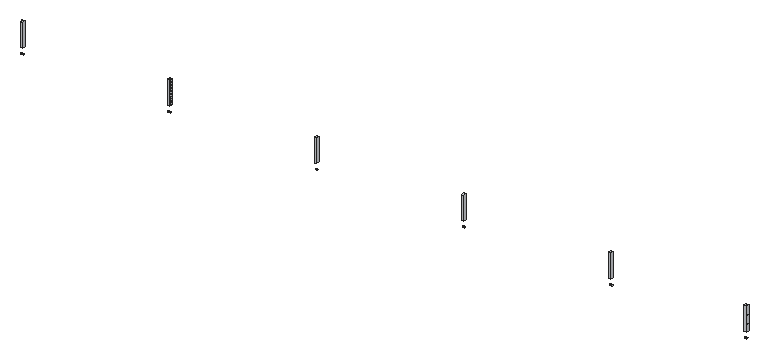
Revit family "Насадки с барьерами", category Специальное оборудование, Revit 2019
Family settings
  Размер круглого соединителя = Использовать диаметр
  Тип детали = Нормальный
  При загрузке вырезать с полостями = Нет
  Общий = Нет
  Точка расчета площади = Нет
Parameters (values of type "Насадка I ПББ 500")
  Шаг между насадками [instance] = 2440 mm
  Ф СББ = 500 mm
  Показать последний [instance] = yes
  Показать первый [instance] = yes
  Крепление насадок барьерам = 5
  Тип крепления насадки к столбу [instance] = 0
  СББ = no
  Правая = no
  Шаг последней насадки [instance] = if(if(not([built-in parameter 1001306] > Шаг между насадками), [built-in parameter 1001306], [built-in parameter 1001306] - (rounddown([built-in parameter 1001306] / Шаг между насадками) * Шаг между насадками)) = 0 mm, Шаг между насадками, if(not([built-in parameter 1001306] > Шаг между насадками), [built-in parameter 1001306], [built-in parameter 1001306] - (rounddown([built-in parameter 1001306] / Шаг между насадками) * Шаг между насадками)))  # 2240 mm
  Показать среднюю насадку [instance] = N панелей = 2  # no
  ПББ правая = no
  ПББ левая = no
  Насадка I = not(or(Левая, Правая))  # yes
  Левая = no
  Крепление панелей к насадке скоба 60/80 [instance] = not(Ширина столба < 80 mm)  # no
  Инструкция [instance] = "https://docs.google.com/document/d/1YU2zMc4EH5Wo240p8cADVhto8tMNmUbVgzn2qTnmTt8/edit?usp=sharing"
  Изготовитель = [ADSK_Завод-изготовитель]  # "FENSYS"
  built-in parameter 1001306 [instance] = 12000 mm
  Группа модели = "Насадки"  # constant formula
  Ширина столба [instance] = 60 mm
  Высота ПББ = 500 mm
  Видимость массива насадок [instance] = N панелей > 2  # yes
  Видимость массива панелей [instance] = N панелей > 2  # yes
  Видимость ПББ = yes
  Видимость 1ой панели [instance] = N панелей = 2  # no
  Y насадка = and(Левая, Правая)  # no
  URL = "https://www.fensys.ru/oprosnyy-list/"
  N насадок в массиве [instance] = if((N панелей - 1) < 2, 2, N панелей - 1)  # 4
  N панелей в массиве [instance] = if(N панелей > 2, N панелей - 1, 2)  # 4
  N панелей [instance] = if([built-in parameter 1001306] > Шаг между насадками, roundup([built-in parameter 1001306] / Шаг между насадками), 1)  # 5
  ADSK_Размер_Длина [instance] = [built-in parameter 1001306]  # 12000 mm
  ADSK_Наименование = "Насадки на ограждения I-образные"
  ADSK_Завод-изготовитель = "FENSYS"  # constant formula
  ADSK_Единица измерения = "м."  # constant formula
Types (15, lengths in mm): name | Ф СББ | Тип крепления насадки к столбу | СББ | Правая | Шаг последней насадки | Показать среднюю насадку | ПББ правая | ПББ левая | Насадка I | Левая | Крепление панелей к насадке скоба 60/80 | built-in parameter 1001306 | Ширина столба | Высота ПББ | Видимость массива насадок | Видимость массива панелей | Видимость ПББ | Видимость 1ой панели | Y насадка | N насадок в массиве | N панелей в массиве | N панелей | ADSK_Размер_Длина | ADSK_Наименование
  Насадки V СББ 500 | 500 | 1 | yes | yes | 2180 | no | no | no | no | yes | yes | 9500 | 80 | 500 | yes | yes | no | no | yes | 3 | 3 | 4 | 9500 | "Насадки на ограждения V-образные с СББ"
  Насадки L левая ПББ 500 | 500 | 0 | no | no | 1500 | no | no | yes | no | yes | yes | 1500 | 80 | 500 | no | no | yes | no | no | 2 | 2 | 1 | 1500 | "Насадки на ограждения L-образные"
  Насадки L правая ПББ 500 | 500 | 0 | no | yes | 2060 | yes | yes | no | no | no | yes | 4500 | 80 | 500 | no | no | yes | yes | no | 2 | 2 | 2 | 4500 | "Насадки на ограждения L-образные"
  Насадка I ПББ 500 | 500 | 0 | no | no | 2240 | no | no | no | yes | no | no | 12000 | 60 | 500 | yes | yes | yes | no | no | 4 | 4 | 5 | 12000 | "Насадки на ограждения I-образные"
  Насадки V ПББ 500 | 500 | 1 | no | yes | 1180 | no | yes | yes | no | yes | yes | 8500 | 80 | 500 | yes | yes | yes | no | yes | 3 | 3 | 4 | 8500 | "Насадки на ограждения V-образные с ПББ"
  Насадка I ПББ 600 | 500 | 0 | no | no | 2060 | yes | no | no | yes | no | yes | 4500 | 80 | 600 | no | no | yes | yes | no | 2 | 2 | 2 | 4500 | "Насадки на ограждения I-образные"
  Насадка I ПББ 900 | 500 | 0 | no | no | 2060 | yes | no | no | yes | no | yes | 4500 | 80 | 900 | no | no | yes | yes | no | 2 | 2 | 2 | 4500 | "Насадки на ограждения I-образные"
  Насадки L левая ПББ 600 | 500 | 0 | no | no | 1500 | no | no | yes | no | yes | yes | 1500 | 80 | 600 | no | no | yes | no | no | 2 | 2 | 1 | 1500 | "Насадки на ограждения L-образные"
  Насадки L левая ПББ 900 | 500 | 0 | no | no | 1500 | no | no | yes | no | yes | yes | 1500 | 80 | 900 | no | no | yes | no | no | 2 | 2 | 1 | 1500 | "Насадки на ограждения L-образные"
  Насадки L правая ПББ 600 | 500 | 0 | no | yes | 2060 | yes | yes | no | no | no | yes | 4500 | 80 | 600 | no | no | yes | yes | no | 2 | 2 | 2 | 4500 | "Насадки на ограждения L-образные"
  Насадки L правая ПББ 900 | 500 | 0 | no | yes | 2060 | yes | yes | no | no | no | yes | 4500 | 80 | 900 | no | no | yes | yes | no | 2 | 2 | 2 | 4500 | "Насадки на ограждения L-образные"
  Насадки V ПББ 600 | 500 | 1 | no | yes | 1180 | no | yes | yes | no | yes | yes | 8500 | 80 | 600 | yes | yes | yes | no | yes | 3 | 3 | 4 | 8500 | "Насадки на ограждения V-образные с ПББ"
  Насадки V ПББ 900 | 500 | 1 | no | yes | 1180 | no | yes | yes | no | yes | yes | 8500 | 80 | 900 | yes | yes | yes | no | yes | 3 | 3 | 4 | 8500 | "Насадки на ограждения V-образные с ПББ"
  Насадки V СББ 600 | 600 | 1 | yes | yes | 2180 | no | no | no | no | yes | yes | 9500 | 80 | 600 | yes | yes | no | no | yes | 3 | 3 | 4 | 9500 | "Насадки на ограждения V-образные с СББ"
  Насадки V СББ 900 | 900 | 1 | yes | yes | 2240 | no | no | no | no | yes | yes | 12000 | 80 | 900 | yes | yes | no | no | yes | 4 | 4 | 5 | 12000 | "Насадки на ограждения V-образные с СББ"
Reference planes
  plane 1 "По центру (Вперед/Назад)": y = 0
  plane 2: z = 0
  plane 3 "Слева": x = 0
  plane 4 "Справа": x = 12000
  plane 5 "Верх стойки": z = 0
  plane 6: x = 2440
  plane 7: x = 4880
  plane 8 "ось предпоследнего столба": x = 9760
  plane 9: y = 30
  plane 10: y = -30
Lines and regions (mm)
  reference lines
    curve 1: line (0, 0, 0) -> (12000, 0, 0)
Dimensions and locks
  "built-in parameter 1001306": plane 3 "Слева" to plane 4 "Справа"
  plane 5 "Верх стойки" to level = 0 mm
  "Шаг между насадками": plane 3 "Слева" to plane 6
  "Шаг между насадками": plane 6 to plane 7
  "Шаг последней насадки": plane 8 "ось предпоследнего столба" to plane 4 "Справа"
  "Ширина столба": plane 9 to plane 10
  equal spacing: plane 9, plane 1 "По центру (Вперед/Назад)", plane 10
  plane 3 "Слева" to plane 6 = 2440 mm
  equal spacing: group 1, group 2, group 3, group 4  (x3)
  aligned and locked: plane 4 "Справа" to curve 1
  aligned and locked: plane 1 "По центру (Вперед/Назад)" to curve 1
  aligned and locked: plane 3 "Слева" to curve 1
  aligned and locked: level to plane 2
  aligned and locked: plane 3 "Слева" to nested 1
  aligned and locked: plane 1 "По центру (Вперед/Назад)" to nested 1
  aligned and locked: plane 3 "Слева" to nested 2
  aligned and locked: plane 4 "Справа" to nested 2
  aligned and locked: plane 4 "Справа" to nested 3
  aligned and locked: plane 6 to nested 4
  aligned and locked: plane 1 "По центру (Вперед/Назад)" to nested 5
  aligned and locked: plane 4 "Справа" to nested 5
  aligned and locked: plane 3 "Слева" to nested 5
  aligned and locked: plane 6 to nested 6
  aligned and locked: plane 7 to nested 7
  aligned and locked: plane 3 "Слева" to nested 9
  aligned and locked: plane 1 "По центру (Вперед/Назад)" to nested 9
Nested families
  nested 1: "В_Сборка насадок" at (0, 0, 0), Левая <- "Левая", Правая <- "Правая", Глубина столба <- "Ширина столба", Насадка I ус 510 S2 <- "Насадка I", Тип крепежа насадок к панелям <- "Крепление насадок барьерам", Тип крепления насадок к столбам <- "Тип крепления насадки к столбу", СББ <- "СББ", Ф СББ <- "Ф СББ", Y насадка <- "Y насадка", visible <- "Показать первый", type "Сборка насадок"
    with Ф СББ 500 mm, Тип крепления насадок к столбам 0, Тип крепежа насадок к панелям 5, Смещение СББ 45 mm, СББ no, Правая no, Насадка I ус 510 S2 yes, Левая no, Глубина столба 60 mm, Y насадка no
  nested 2: "В_Струны" at (0, 0, 0), Левая <- "ПББ левая", Правая <- "ПББ правая", СББ <- "СББ", Центральная <- "Насадка I", ADSK_Комплект <- "Группа модели", type "Струна"
    with Центральная yes, СББ no, Правая no, Моток 0.06, Левая no, built-in parameter 1001306 12000 mm, ADSK_Обозначение "Струна", ADSK_Наименование "Струна для крепления СББ/ПББ оцинкованая d2,5 мм (Рабочая длина бухты Длина бухты 400 м)", ADSK_Масса 0.96, ADSK_Комплект "Насадки", ADSK_Количество 0.06, ADSK_Код изделия "14999", ADSK_Завод-изготовитель "FENSYS", ADSK_Единица измерения "шт."
  nested 3: "В_Сборка насадок" at (12000, 0, 0), Левая <- "Левая", Правая <- "Правая", Глубина столба <- "Ширина столба", Насадка I ус 510 S2 <- "Насадка I", Тип крепежа насадок к панелям <- "Крепление насадок барьерам", Тип крепления насадок к столбам <- "Тип крепления насадки к столбу", СББ <- "СББ", Ф СББ <- "Ф СББ", Y насадка <- "Y насадка", visible <- "Показать последний", type "Сборка насадок"
    with Ф СББ 500 mm, Тип крепления насадок к столбам 0, Тип крепежа насадок к панелям 5, Смещение СББ 45 mm, СББ no, Правая no, Насадка I ус 510 S2 yes, Левая no, Глубина столба 60 mm, Y насадка no
  nested 4: "В_Сборка насадок" at (2440, 0, 0), Левая <- "Левая", Правая <- "Правая", Глубина столба <- "Ширина столба", Насадка I ус 510 S2 <- "Насадка I", Тип крепежа насадок к панелям <- "Крепление насадок барьерам", Тип крепления насадок к столбам <- "Тип крепления насадки к столбу", СББ <- "СББ", visible <- "Показать среднюю насадку", Ф СББ <- "Ф СББ", Y насадка <- "Y насадка", type "Сборка насадок"
    with Ф СББ 500 mm, Тип крепления насадок к столбам 0, Тип крепежа насадок к панелям 5, Смещение СББ 45 mm, СББ no, Правая no, Насадка I ус 510 S2 yes, Левая no, Глубина столба 60 mm, Y насадка no
  nested 5: "В_ПББ" at (0, 0, 0), Левая <- "ПББ левая", Правая <- "ПББ правая", Центральная <- "Насадка I", Высота ПББ <- "Высота ПББ", visible <- "Видимость ПББ", ADSK_Комплект <- "Группа модели", type "ПББ"
    with Центральная yes, Правая no, Подбор массы 5, Левая no, built-in parameter 1001306 12000 mm, Высота ПББ 500 mm, ADSK_Размер_Длина 24000 mm, ADSK_Наименование "ПББ из АКЛ: D бухты 500 мм, витков в п.м. = 4,4; ГОСТ 3282-74 (0,55/2,5)", ADSK_Масса 0.3, ADSK_Комплект "Насадки", ADSK_Количество 0.06, ADSK_Код изделия "13990", ADSK_Единица измерения "шт."
  nested 6: "В_Сборка насадок" at (2440, 0, 0), Левая <- "Левая", Правая <- "Правая", Глубина столба <- "Ширина столба", Насадка I ус 510 S2 <- "Насадка I", Тип крепежа насадок к панелям <- "Крепление насадок барьерам", Тип крепления насадок к столбам <- "Тип крепления насадки к столбу", СББ <- "СББ", Ф СББ <- "Ф СББ", visible <- "Видимость массива насадок", Y насадка <- "Y насадка", type "Сборка насадок"
    with Ф СББ 500 mm, Тип крепления насадок к столбам 0, Тип крепежа насадок к панелям 5, Смещение СББ 45 mm, СББ no, Правая no, Насадка I ус 510 S2 yes, Левая no, Глубина столба 60 mm, Y насадка no
  nested 7: "В_Сборка насадок" at (4880, 0, 0), Левая <- "Левая", Правая <- "Правая", Глубина столба <- "Ширина столба", Насадка I ус 510 S2 <- "Насадка I", Тип крепежа насадок к панелям <- "Крепление насадок барьерам", Тип крепления насадок к столбам <- "Тип крепления насадки к столбу", СББ <- "СББ", Ф СББ <- "Ф СББ", visible <- "Видимость массива насадок", Y насадка <- "Y насадка", type "Сборка насадок"
    with Ф СББ 500 mm, Тип крепления насадок к столбам 0, Тип крепежа насадок к панелям 5, Смещение СББ 45 mm, СББ no, Правая no, Насадка I ус 510 S2 yes, Левая no, Глубина столба 60 mm, Y насадка no
  nested 8: "В_Вязальная проволока" at (0, 0, 0), ADSK_Размер_Длина <- "ADSK_Размер_Длина", Левая <- "Левая", Правая <- "Правая", ADSK_Комплект <- "Группа модели", type "Вязальная проволока"
    with Правая no, Левая no, ADSK_Размер_Длина 12000 mm, ADSK_Обозначение "Проволока вязальная", ADSK_Наименование "Проволока вязальная для крепления СББ/ПББ d 1,6 мм (Длина бухты 400м )", ADSK_Масса 0.064, ADSK_Комплект "Насадки", ADSK_Количество 0.01, ADSK_Код изделия "15896", ADSK_Завод-изготовитель "FENSYS", ADSK_Единица измерения "шт."
  nested 9: "В_СББ" at (0, 0, 0), ADSK_Комплект <- "Группа модели", Длина <- "built-in parameter 1001306", Ф СББ <- "Ф СББ", visible <- "СББ", type "СББ"
    with Ф СББ 500 mm, Длина 12000 mm, ADSK_Обозначение "СББ АКЛ/АСКЛ", ADSK_Наименование "СББ из АКЛ: D бухты 500 мм, витков в п.м. = 7,4; 5 клепки, ГОСТ 3282-74 (0,55/2,5)", ADSK_Масса 9, ADSK_Комплект "Насадки", ADSK_Количество 0.03, ADSK_Код изделия "15362"
  nested 10: "В_Крепеж" at (0, 0, -104.228), type "Крепеж"
    with Ширина столба 0 mm, Тип крепежа 0, Путь к таблице "Таблица крепежей", Видимость метизов yes, Y насадка no, ADSK_Обозначение "Крепеж", ADSK_Наименование "Хомут специальный 80", ADSK_Комплект "Насадки", ADSK_Количество 1, ADSK_Код изделия "15515К"
  nested 11: "В_Крепеж" at (0, 0, -104.228), type "Крепеж"
    with Ширина столба 0 mm, Тип крепежа 0, Путь к таблице "Таблица крепежей", Видимость метизов yes, Y насадка no, ADSK_Обозначение "Крепеж", ADSK_Наименование "Хомут специальный 80", ADSK_Комплект "Насадки", ADSK_Количество 1, ADSK_Код изделия "15515К"
  nested 12: "В_Крепеж" at (12000, 0, -104.228), type "Крепеж"
    with Ширина столба 0 mm, Тип крепежа 0, Путь к таблице "Таблица крепежей", Видимость метизов yes, Y насадка no, ADSK_Обозначение "Крепеж", ADSK_Наименование "Хомут специальный 80", ADSK_Комплект "Насадки", ADSK_Количество 1, ADSK_Код изделия "15515К"
  nested 13: "В_Крепеж" at (12000, 0, -104.228), type "Крепеж"
    with Ширина столба 0 mm, Тип крепежа 0, Путь к таблице "Таблица крепежей", Видимость метизов yes, Y насадка no, ADSK_Обозначение "Крепеж", ADSK_Наименование "Хомут специальный 80", ADSK_Комплект "Насадки", ADSK_Количество 1, ADSK_Код изделия "15515К"
  nested 14: "В_Крепеж" at (2440, 0, -104.228), type "Крепеж"
    with Ширина столба 0 mm, Тип крепежа 0, Путь к таблице "Таблица крепежей", Видимость метизов yes, Y насадка no, ADSK_Обозначение "Крепеж", ADSK_Наименование "Хомут специальный 80", ADSK_Комплект "Насадки", ADSK_Количество 1, ADSK_Код изделия "15515К"
  nested 15: "В_Крепеж" at (2440, 0, -104.228), type "Крепеж"
    with Ширина столба 0 mm, Тип крепежа 0, Путь к таблице "Таблица крепежей", Видимость метизов yes, Y насадка no, ADSK_Обозначение "Крепеж", ADSK_Наименование "Хомут специальный 80", ADSK_Комплект "Насадки", ADSK_Количество 1, ADSK_Код изделия "15515К"
  nested 16: "В_Метизы" at (20, 0, -104.228), type "Метизы"
    with Тип крепежа 0, Путь к таблице "Таблица метизов", ADSK_Наименование "Комплект крепежных элементов для хомута", ADSK_Комплект "Насадки", ADSK_Количество 1, ADSK_Код изделия "8920"
  nested 17: "В_Метизы" at (20, 0, -104.228), type "Метизы"
    with Тип крепежа 0, Путь к таблице "Таблица метизов", ADSK_Наименование "Комплект крепежных элементов для хомута", ADSK_Комплект "Насадки", ADSK_Количество 1, ADSK_Код изделия "8920"
  nested 18: "В_Метизы" at (12020, 0, -104.228), type "Метизы"
    with Тип крепежа 0, Путь к таблице "Таблица метизов", ADSK_Наименование "Комплект крепежных элементов для хомута", ADSK_Комплект "Насадки", ADSK_Количество 1, ADSK_Код изделия "8920"
  nested 19: "В_Метизы" at (12020, 0, -104.228), type "Метизы"
    with Тип крепежа 0, Путь к таблице "Таблица метизов", ADSK_Наименование "Комплект крепежных элементов для хомута", ADSK_Комплект "Насадки", ADSK_Количество 1, ADSK_Код изделия "8920"
  nested 20: "В_Метизы" at (2460, 0, -104.228), type "Метизы"
    with Тип крепежа 0, Путь к таблице "Таблица метизов", ADSK_Наименование "Комплект крепежных элементов для хомута", ADSK_Комплект "Насадки", ADSK_Количество 1, ADSK_Код изделия "8920"
  nested 21: "В_Метизы" at (2460, 0, -104.228), type "Метизы"
    with Тип крепежа 0, Путь к таблице "Таблица метизов", ADSK_Наименование "Комплект крепежных элементов для хомута", ADSK_Комплект "Насадки", ADSK_Количество 1, ADSK_Код изделия "8920"
  nested 22: "В_Крепеж" at (2440, 0, -104.228), type "Крепеж"
    with Ширина столба 0 mm, Тип крепежа 0, Путь к таблице "Таблица крепежей", Видимость метизов yes, Y насадка no, ADSK_Обозначение "Крепеж", ADSK_Наименование "Хомут специальный 80", ADSK_Комплект "Насадки", ADSK_Количество 1, ADSK_Код изделия "15515К"
  nested 23: "В_Крепеж" at (2440, 0, -104.228), type "Крепеж"
    with Ширина столба 0 mm, Тип крепежа 0, Путь к таблице "Таблица крепежей", Видимость метизов yes, Y насадка no, ADSK_Обозначение "Крепеж", ADSK_Наименование "Хомут специальный 80", ADSK_Комплект "Насадки", ADSK_Количество 1, ADSK_Код изделия "15515К"
  nested 24: "В_Метизы" at (2460, 0, -104.228), type "Метизы"
    with Тип крепежа 0, Путь к таблице "Таблица метизов", ADSK_Наименование "Комплект крепежных элементов для хомута", ADSK_Комплект "Насадки", ADSK_Количество 1, ADSK_Код изделия "8920"
  nested 25: "В_Метизы" at (2460, 0, -104.228), type "Метизы"
    with Тип крепежа 0, Путь к таблице "Таблица метизов", ADSK_Наименование "Комплект крепежных элементов для хомута", ADSK_Комплект "Насадки", ADSK_Количество 1, ADSK_Код изделия "8920"
  nested 26: "В_Крепеж" at (4880, 0, -104.228), type "Крепеж"
    with Ширина столба 0 mm, Тип крепежа 0, Путь к таблице "Таблица крепежей", Видимость метизов yes, Y насадка no, ADSK_Обозначение "Крепеж", ADSK_Наименование "Хомут специальный 80", ADSK_Комплект "Насадки", ADSK_Количество 1, ADSK_Код изделия "15515К"
  nested 27: "В_Крепеж" at (4880, 0, -104.228), type "Крепеж"
    with Ширина столба 0 mm, Тип крепежа 0, Путь к таблице "Таблица крепежей", Видимость метизов yes, Y насадка no, ADSK_Обозначение "Крепеж", ADSK_Наименование "Хомут специальный 80", ADSK_Комплект "Насадки", ADSK_Количество 1, ADSK_Код изделия "15515К"
  nested 28: "В_Метизы" at (4900, 0, -104.228), type "Метизы"
    with Тип крепежа 0, Путь к таблице "Таблица метизов", ADSK_Наименование "Комплект крепежных элементов для хомута", ADSK_Комплект "Насадки", ADSK_Количество 1, ADSK_Код изделия "8920"
  nested 29: "В_Метизы" at (4900, 0, -104.228), type "Метизы"
    with Тип крепежа 0, Путь к таблице "Таблица метизов", ADSK_Наименование "Комплект крепежных элементов для хомута", ADSK_Комплект "Насадки", ADSK_Количество 1, ADSK_Код изделия "8920"
  nested 30: "В_Крепеж" at (0, 0, 108.86), type "Крепеж"
    with Ширина столба 0 mm, Тип крепежа 5, Путь к таблице "Таблица крепежей", Видимость метизов no, Y насадка no, ADSK_Обозначение "Крепеж", ADSK_Наименование "Комплект крепления СББ/ПББ к насадке (Болт М6х25 DIN 933 оц - 4 шт., Зажим для крепления струны/проволоки - 4 шт., Шайба D6 DIN 125 оц. - 8 шт.,  Гайка М6 кл.8.0 DIN 934 оц. - 4 шт.)", ADSK_Комплект "Насадки", ADSK_Количество 1, ADSK_Код изделия "8927"
  nested 31: "В_Крепеж" at (0, 0, 248.86), type "Крепеж"
    with Ширина столба 0 mm, Тип крепежа 5, Путь к таблице "Таблица крепежей", Видимость метизов no, Y насадка no, ADSK_Обозначение "Крепеж", ADSK_Наименование "Комплект крепления СББ/ПББ к насадке (Болт М6х25 DIN 933 оц - 4 шт., Зажим для крепления струны/проволоки - 4 шт., Шайба D6 DIN 125 оц. - 8 шт.,  Гайка М6 кл.8.0 DIN 934 оц. - 4 шт.)", ADSK_Комплект "Насадки", ADSK_Количество 1, ADSK_Код изделия "8927"
  nested 32: "В_Насадка I" at (0, 0, 0), type "Насадка I"
    with ADSK_Обозначение "", ADSK_Наименование "Насадка I ус 510 S2", ADSK_Масса 1.17, ADSK_Комплект "Насадки", ADSK_Код изделия "8944", ADSK_Завод-изготовитель "FENSYS", ADSK_Единица измерения "шт."
  nested 33: "В_Крепеж" at (12000, 0, 108.86), type "Крепеж"
    with Ширина столба 0 mm, Тип крепежа 5, Путь к таблице "Таблица крепежей", Видимость метизов no, Y насадка no, ADSK_Обозначение "Крепеж", ADSK_Наименование "Комплект крепления СББ/ПББ к насадке (Болт М6х25 DIN 933 оц - 4 шт., Зажим для крепления струны/проволоки - 4 шт., Шайба D6 DIN 125 оц. - 8 шт.,  Гайка М6 кл.8.0 DIN 934 оц. - 4 шт.)", ADSK_Комплект "Насадки", ADSK_Количество 1, ADSK_Код изделия "8927"
  nested 34: "В_Крепеж" at (12000, 0, 248.86), type "Крепеж"
    with Ширина столба 0 mm, Тип крепежа 5, Путь к таблице "Таблица крепежей", Видимость метизов no, Y насадка no, ADSK_Обозначение "Крепеж", ADSK_Наименование "Комплект крепления СББ/ПББ к насадке (Болт М6х25 DIN 933 оц - 4 шт., Зажим для крепления струны/проволоки - 4 шт., Шайба D6 DIN 125 оц. - 8 шт.,  Гайка М6 кл.8.0 DIN 934 оц. - 4 шт.)", ADSK_Комплект "Насадки", ADSK_Количество 1, ADSK_Код изделия "8927"
  nested 35: "В_Насадка I" at (12000, 0, 0), type "Насадка I"
    with ADSK_Обозначение "", ADSK_Наименование "Насадка I ус 510 S2", ADSK_Масса 1.17, ADSK_Комплект "Насадки", ADSK_Код изделия "8944", ADSK_Завод-изготовитель "FENSYS", ADSK_Единица измерения "шт."
  nested 36: "В_Крепеж" at (2440, 0, 108.86), type "Крепеж"
    with Ширина столба 0 mm, Тип крепежа 5, Путь к таблице "Таблица крепежей", Видимость метизов no, Y насадка no, ADSK_Обозначение "Крепеж", ADSK_Наименование "Комплект крепления СББ/ПББ к насадке (Болт М6х25 DIN 933 оц - 4 шт., Зажим для крепления струны/проволоки - 4 шт., Шайба D6 DIN 125 оц. - 8 шт.,  Гайка М6 кл.8.0 DIN 934 оц. - 4 шт.)", ADSK_Комплект "Насадки", ADSK_Количество 1, ADSK_Код изделия "8927"
  nested 37: "В_Крепеж" at (2440, 0, 248.86), type "Крепеж"
    with Ширина столба 0 mm, Тип крепежа 5, Путь к таблице "Таблица крепежей", Видимость метизов no, Y насадка no, ADSK_Обозначение "Крепеж", ADSK_Наименование "Комплект крепления СББ/ПББ к насадке (Болт М6х25 DIN 933 оц - 4 шт., Зажим для крепления струны/проволоки - 4 шт., Шайба D6 DIN 125 оц. - 8 шт.,  Гайка М6 кл.8.0 DIN 934 оц. - 4 шт.)", ADSK_Комплект "Насадки", ADSK_Количество 1, ADSK_Код изделия "8927"
  nested 38: "В_Насадка I" at (2440, 0, 0), type "Насадка I"
    with ADSK_Обозначение "", ADSK_Наименование "Насадка I ус 510 S2", ADSK_Масса 1.17, ADSK_Комплект "Насадки", ADSK_Код изделия "8944", ADSK_Завод-изготовитель "FENSYS", ADSK_Единица измерения "шт."
  nested 39: "В_Крепеж" at (2440, 0, 108.86), type "Крепеж"
    with Ширина столба 0 mm, Тип крепежа 5, Путь к таблице "Таблица крепежей", Видимость метизов no, Y насадка no, ADSK_Обозначение "Крепеж", ADSK_Наименование "Комплект крепления СББ/ПББ к насадке (Болт М6х25 DIN 933 оц - 4 шт., Зажим для крепления струны/проволоки - 4 шт., Шайба D6 DIN 125 оц. - 8 шт.,  Гайка М6 кл.8.0 DIN 934 оц. - 4 шт.)", ADSK_Комплект "Насадки", ADSK_Количество 1, ADSK_Код изделия "8927"
  nested 40: "В_Крепеж" at (2440, 0, 248.86), type "Крепеж"
    with Ширина столба 0 mm, Тип крепежа 5, Путь к таблице "Таблица крепежей", Видимость метизов no, Y насадка no, ADSK_Обозначение "Крепеж", ADSK_Наименование "Комплект крепления СББ/ПББ к насадке (Болт М6х25 DIN 933 оц - 4 шт., Зажим для крепления струны/проволоки - 4 шт., Шайба D6 DIN 125 оц. - 8 шт.,  Гайка М6 кл.8.0 DIN 934 оц. - 4 шт.)", ADSK_Комплект "Насадки", ADSK_Количество 1, ADSK_Код изделия "8927"
  nested 41: "В_Насадка I" at (2440, 0, 0), type "Насадка I"
    with ADSK_Обозначение "", ADSK_Наименование "Насадка I ус 510 S2", ADSK_Масса 1.17, ADSK_Комплект "Насадки", ADSK_Код изделия "8944", ADSK_Завод-изготовитель "FENSYS", ADSK_Единица измерения "шт."
  nested 42: "В_Крепеж" at (4880, 0, 108.86), type "Крепеж"
    with Ширина столба 0 mm, Тип крепежа 5, Путь к таблице "Таблица крепежей", Видимость метизов no, Y насадка no, ADSK_Обозначение "Крепеж", ADSK_Наименование "Комплект крепления СББ/ПББ к насадке (Болт М6х25 DIN 933 оц - 4 шт., Зажим для крепления струны/проволоки - 4 шт., Шайба D6 DIN 125 оц. - 8 шт.,  Гайка М6 кл.8.0 DIN 934 оц. - 4 шт.)", ADSK_Комплект "Насадки", ADSK_Количество 1, ADSK_Код изделия "8927"
  nested 43: "В_Крепеж" at (4880, 0, 248.86), type "Крепеж"
    with Ширина столба 0 mm, Тип крепежа 5, Путь к таблице "Таблица крепежей", Видимость метизов no, Y насадка no, ADSK_Обозначение "Крепеж", ADSK_Наименование "Комплект крепления СББ/ПББ к насадке (Болт М6х25 DIN 933 оц - 4 шт., Зажим для крепления струны/проволоки - 4 шт., Шайба D6 DIN 125 оц. - 8 шт.,  Гайка М6 кл.8.0 DIN 934 оц. - 4 шт.)", ADSK_Комплект "Насадки", ADSK_Количество 1, ADSK_Код изделия "8927"
  nested 44: "В_Насадка I" at (4880, 0, 0), type "Насадка I"
    with ADSK_Обозначение "", ADSK_Наименование "Насадка I ус 510 S2", ADSK_Масса 1.17, ADSK_Комплект "Насадки", ADSK_Код изделия "8944", ADSK_Завод-изготовитель "FENSYS", ADSK_Единица измерения "шт."
  nested 45: "В_Сборка насадок" at (7320, 0, 0), Левая <- "Левая", Правая <- "Правая", Глубина столба <- "Ширина столба", Насадка I ус 510 S2 <- "Насадка I", Тип крепежа насадок к панелям <- "Крепление насадок барьерам", Тип крепления насадок к столбам <- "Тип крепления насадки к столбу", СББ <- "СББ", Ф СББ <- "Ф СББ", visible <- "Видимость массива насадок", Y насадка <- "Y насадка", type "Сборка насадок"
    with Ф СББ 500 mm, Тип крепления насадок к столбам 0, Тип крепежа насадок к панелям 5, Смещение СББ 45 mm, СББ no, Правая no, Насадка I ус 510 S2 yes, Левая no, Глубина столба 60 mm, Y насадка no
  nested 46: "В_Крепеж" at (7320, 0, -104.228), type "Крепеж"
    with Ширина столба 0 mm, Тип крепежа 0, Путь к таблице "Таблица крепежей", Видимость метизов yes, Y насадка no, ADSK_Обозначение "Крепеж", ADSK_Наименование "Хомут специальный 80", ADSK_Комплект "Насадки", ADSK_Количество 1, ADSK_Код изделия "15515К"
  nested 47: "В_Крепеж" at (7320, 0, -104.228), type "Крепеж"
    with Ширина столба 0 mm, Тип крепежа 0, Путь к таблице "Таблица крепежей", Видимость метизов yes, Y насадка no, ADSK_Обозначение "Крепеж", ADSK_Наименование "Хомут специальный 80", ADSK_Комплект "Насадки", ADSK_Количество 1, ADSK_Код изделия "15515К"
  nested 48: "В_Метизы" at (7340, 0, -104.228), type "Метизы"
    with Тип крепежа 0, Путь к таблице "Таблица метизов", ADSK_Наименование "Комплект крепежных элементов для хомута", ADSK_Комплект "Насадки", ADSK_Количество 1, ADSK_Код изделия "8920"
  nested 49: "В_Метизы" at (7340, 0, -104.228), type "Метизы"
    with Тип крепежа 0, Путь к таблице "Таблица метизов", ADSK_Наименование "Комплект крепежных элементов для хомута", ADSK_Комплект "Насадки", ADSK_Количество 1, ADSK_Код изделия "8920"
  nested 50: "В_Крепеж" at (7320, 0, 108.86), type "Крепеж"
    with Ширина столба 0 mm, Тип крепежа 5, Путь к таблице "Таблица крепежей", Видимость метизов no, Y насадка no, ADSK_Обозначение "Крепеж", ADSK_Наименование "Комплект крепления СББ/ПББ к насадке (Болт М6х25 DIN 933 оц - 4 шт., Зажим для крепления струны/проволоки - 4 шт., Шайба D6 DIN 125 оц. - 8 шт.,  Гайка М6 кл.8.0 DIN 934 оц. - 4 шт.)", ADSK_Комплект "Насадки", ADSK_Количество 1, ADSK_Код изделия "8927"
  nested 51: "В_Крепеж" at (7320, 0, 248.86), type "Крепеж"
    with Ширина столба 0 mm, Тип крепежа 5, Путь к таблице "Таблица крепежей", Видимость метизов no, Y насадка no, ADSK_Обозначение "Крепеж", ADSK_Наименование "Комплект крепления СББ/ПББ к насадке (Болт М6х25 DIN 933 оц - 4 шт., Зажим для крепления струны/проволоки - 4 шт., Шайба D6 DIN 125 оц. - 8 шт.,  Гайка М6 кл.8.0 DIN 934 оц. - 4 шт.)", ADSK_Комплект "Насадки", ADSK_Количество 1, ADSK_Код изделия "8927"
  nested 52: "В_Насадка I" at (7320, 0, 0), type "Насадка I"
    with ADSK_Обозначение "", ADSK_Наименование "Насадка I ус 510 S2", ADSK_Масса 1.17, ADSK_Комплект "Насадки", ADSK_Код изделия "8944", ADSK_Завод-изготовитель "FENSYS", ADSK_Единица измерения "шт."
  nested 53: "В_Сборка насадок" at (9760, 0, 0), Левая <- "Левая", Правая <- "Правая", Глубина столба <- "Ширина столба", Насадка I ус 510 S2 <- "Насадка I", Тип крепежа насадок к панелям <- "Крепление насадок барьерам", Тип крепления насадок к столбам <- "Тип крепления насадки к столбу", СББ <- "СББ", Ф СББ <- "Ф СББ", visible <- "Видимость массива насадок", Y насадка <- "Y насадка", type "Сборка насадок"
    with Ф СББ 500 mm, Тип крепления насадок к столбам 0, Тип крепежа насадок к панелям 5, Смещение СББ 45 mm, СББ no, Правая no, Насадка I ус 510 S2 yes, Левая no, Глубина столба 60 mm, Y насадка no
  nested 54: "В_Крепеж" at (9760, 0, -104.228), type "Крепеж"
    with Ширина столба 0 mm, Тип крепежа 0, Путь к таблице "Таблица крепежей", Видимость метизов yes, Y насадка no, ADSK_Обозначение "Крепеж", ADSK_Наименование "Хомут специальный 80", ADSK_Комплект "Насадки", ADSK_Количество 1, ADSK_Код изделия "15515К"
  nested 55: "В_Крепеж" at (9760, 0, -104.228), type "Крепеж"
    with Ширина столба 0 mm, Тип крепежа 0, Путь к таблице "Таблица крепежей", Видимость метизов yes, Y насадка no, ADSK_Обозначение "Крепеж", ADSK_Наименование "Хомут специальный 80", ADSK_Комплект "Насадки", ADSK_Количество 1, ADSK_Код изделия "15515К"
  nested 56: "В_Метизы" at (9780, 0, -104.228), type "Метизы"
    with Тип крепежа 0, Путь к таблице "Таблица метизов", ADSK_Наименование "Комплект крепежных элементов для хомута", ADSK_Комплект "Насадки", ADSK_Количество 1, ADSK_Код изделия "8920"
  nested 57: "В_Метизы" at (9780, 0, -104.228), type "Метизы"
    with Тип крепежа 0, Путь к таблице "Таблица метизов", ADSK_Наименование "Комплект крепежных элементов для хомута", ADSK_Комплект "Насадки", ADSK_Количество 1, ADSK_Код изделия "8920"
  nested 58: "В_Крепеж" at (9760, 0, 108.86), type "Крепеж"
    with Ширина столба 0 mm, Тип крепежа 5, Путь к таблице "Таблица крепежей", Видимость метизов no, Y насадка no, ADSK_Обозначение "Крепеж", ADSK_Наименование "Комплект крепления СББ/ПББ к насадке (Болт М6х25 DIN 933 оц - 4 шт., Зажим для крепления струны/проволоки - 4 шт., Шайба D6 DIN 125 оц. - 8 шт.,  Гайка М6 кл.8.0 DIN 934 оц. - 4 шт.)", ADSK_Комплект "Насадки", ADSK_Количество 1, ADSK_Код изделия "8927"
  nested 59: "В_Крепеж" at (9760, 0, 248.86), type "Крепеж"
    with Ширина столба 0 mm, Тип крепежа 5, Путь к таблице "Таблица крепежей", Видимость метизов no, Y насадка no, ADSK_Обозначение "Крепеж", ADSK_Наименование "Комплект крепления СББ/ПББ к насадке (Болт М6х25 DIN 933 оц - 4 шт., Зажим для крепления струны/проволоки - 4 шт., Шайба D6 DIN 125 оц. - 8 шт.,  Гайка М6 кл.8.0 DIN 934 оц. - 4 шт.)", ADSK_Комплект "Насадки", ADSK_Количество 1, ADSK_Код изделия "8927"
  nested 60: "В_Насадка I" at (9760, 0, 0), type "Насадка I"
    with ADSK_Обозначение "", ADSK_Наименование "Насадка I ус 510 S2", ADSK_Масса 1.17, ADSK_Комплект "Насадки", ADSK_Код изделия "8944", ADSK_Завод-изготовитель "FENSYS", ADSK_Единица измерения "шт."
Definition of nested family "В_Крепеж"
  Parameters (values of type "Крепеж")
    Ширина столба [instance] = 0 mm
    Тип крепежа [instance] = 0
    Путь к таблице [instance] = "Таблица крепежей"  # constant formula
    Manufacturer = [ADSK_Завод-изготовитель]  # "FENSYS"
    Model = ""
    Видимость метизов [instance] = not(Тип крепежа = 5)  # yes
    Y насадка [instance] = yes
    URL = "https://www.fensys.ru/produkciya/krepyozh.html"
    ADSK_Обозначение [instance] = "Крепеж"  # constant formula
    ADSK_Наименование [instance] = size_lookup(Путь к таблице, "", "Не найдено", Тип крепежа)  # "Хомут специальный 80"
    ADSK_Комплект [instance] = ""
    ADSK_Количество [instance] = 1  # constant formula
    ADSK_Код изделия [instance] = size_lookup(Путь к таблице, "ADSK_Код изделия", "Не найдено", Тип крепежа)  # "15515К"
    ADSK_Завод-изготовитель = "FENSYS"  # constant formula
    ADSK_Единица измерения = "шт."  # constant formula
  Reference planes
    plane 1 "По центру (Вперед/Назад)": y = 0
    plane 2: z = 0
    plane 3 "По центру (Влево/Вправо)": x = 0
    plane 4: z = 0
  Forms (mm)
    Extrusion 1, solid
      sketch origin (0, -3, 0) x (1, 0, 0) y (0, 1, 0)
        loop
          line (-20, 5.5) -> (-20, 0.5) -> (20, 0.5) -> (20, 5.5) -> (-20, 5.5)
      from -4.311 to 4.311
  Dimensions and locks
    locked: Extrusion 1 sketch curve to Extrusion 1 sketch curve at 5
    locked: Extrusion 1 sketch curve to Extrusion 1 sketch curve at 40
    aligned and locked: level to plane 2
  Nested families
    nested 1: "В_Метизы" at (20, 0, 0), Тип крепежа <- "Тип крепежа", ADSK_Комплект <- "ADSK_Комплект", visible <- "Видимость метизов", type "Метизы"
      with Тип крепежа 0, Путь к таблице "Таблица метизов", ADSK_Наименование "Комплект крепежных элементов для хомута", ADSK_Комплект "", ADSK_Количество 1, ADSK_Код изделия "8920"
    nested 2: "В_Метизы" at (-20, 0, 0), visible <- "Y насадка", Тип крепежа <- "Тип крепежа", ADSK_Комплект <- "ADSK_Комплект", type "Метизы"
      with Тип крепежа 0, Путь к таблице "Таблица метизов", ADSK_Наименование "Комплект крепежных элементов для хомута", ADSK_Комплект "", ADSK_Количество 1, ADSK_Код изделия "8920"
  Definition of nested family "В_Метизы"
    Parameters (values of type "Метизы")
      Тип крепежа [instance] = 1
      Путь к таблице [instance] = "Таблица метизов"  # constant formula
      Manufacturer = [ADSK_Завод-изготовитель]  # "FENSYS"
      URL = "https://www.fensys.ru/produkciya/krepyozh.html"
      ADSK_Наименование [instance] = size_lookup(Путь к таблице, "", "Не найдено", Тип крепежа)  # "Комплект метизов «В» для крепления скобы F24 (Винт М6х30 ISO 7380 А2 - 4 шт., Шайба D6 DIN 125 А2 - 4 шт.,Шайба 6 DIN 127 А2 - 4 шт.)"
      ADSK_Комплект [instance] = "Ограждение"
      ADSK_Количество [instance] = 1  # constant formula
      ADSK_Код изделия [instance] = size_lookup(Путь к таблице, "ADSK_Код изделия", "Не найдено", Тип крепежа)  # "8932"
      ADSK_Завод-изготовитель = "FENSYS"  # constant formula
      ADSK_Единица измерения = "шт."  # constant formula
    Reference planes
      plane 1 "По центру (Вперед/Назад)": y = 0
      plane 2: z = 0
      plane 3 "По центру (Влево/Вправо)": x = 0
      plane 4: z = 0
    Lines and regions (mm)
      reference lines
        curve 1: circle (0, 0, 0) r 0.299 normal (0, -1, 0)
      model lines
        curve 2: circle (0, 0, 0) r 0.3 normal (0, -1, 0)
    Dimensions and locks
      aligned and locked: level to plane 2
Definition of nested family "В_Насадка I"
  Parameters (values of type "Насадка I")
    URL = "https://www.fensys.ru/produkciya/elementy-usileniya.html"
    ADSK_Обозначение [instance] = ""
    ADSK_Наименование [instance] = "Насадка I ус 510 S2"  # constant formula
    ADSK_Масса [instance] = 1.17  # constant formula
    ADSK_Комплект [instance] = ""
    ADSK_Количество = 1
    ADSK_Код изделия [instance] = "8944"  # constant formula
    ADSK_Завод-изготовитель [instance] = "FENSYS"  # constant formula
    ADSK_Единица измерения [instance] = "шт."  # constant formula
  Reference planes
    plane 1 "По центру (Вперед/Назад)": y = 0
    plane 2: z = 0
    plane 3 "По центру (Влево/Вправо)": x = 0
  Forms (mm)
    Extrusion 1, solid
      sketch origin (0, 0, 0) x (1, 0, 0) y (0, 1, 0)
        loop
          line (-20, 20) -> (-20, -20) -> (20, -20) -> (20, 20) -> (-20, 20)
      from 0 to 380
  Dimensions and locks
    aligned and locked: level to plane 2
Definition of nested family "В_Сборка насадок"
  Parameters (values of type "Насадка")
    Насадка L ус 510 [instance] = no
    URL = "https://www.fensys.ru/produkciya/elementy-usileniya.html"
    ADSK_Обозначение [instance] = ""
    ADSK_Наименование [instance] = if(Насадка L ус 510, "Насадка L ус 510", "Насадка L ус 325")  # "Насадка L ус 325"
    ADSK_Масса [instance] = if(Насадка L ус 510, 1.17, 0.82)  # 0.82
    ADSK_Комплект [instance] = ""
    ADSK_Количество = 1
    ADSK_Код изделия [instance] = if(Насадка L ус 510, "8928", "8938")  # "8938"
    ADSK_Завод-изготовитель [instance] = "FENSYS"  # constant formula
    ADSK_Единица измерения [instance] = "шт."  # constant formula
Definition of nested family "В_Струны"
  Parameters (values of type "Струна")
    Центральная [instance] = yes
    СББ [instance] = no
    Правая [instance] = yes
    Моток [instance] = if(and(Правая, Левая), [built-in parameter 1001306] * 4 / 400000 / 1 mm, [built-in parameter 1001306] * 2 / 400000 / 1 mm)  # 0.012
    Левая [instance] = yes
    built-in parameter 1001306 [instance] = 1200 mm
    ADSK_Обозначение [instance] = "Струна"  # constant formula
    ADSK_Наименование [instance] = "Струна для крепления СББ/ПББ оцинкованая d2,5 мм (Рабочая длина бухты Длина бухты 400 м)"  # constant formula
    ADSK_Масса [instance] = Моток * 16  # 0.192
    ADSK_Комплект [instance] = ""
    ADSK_Количество [instance] = Моток  # 0.012
    ADSK_Код изделия [instance] = "14999"  # constant formula
    ADSK_Завод-изготовитель [instance] = "FENSYS"  # constant formula
    ADSK_Единица измерения [instance] = "шт."  # constant formula
  Reference planes
    plane 1 "По центру (Вперед/Назад)": y = 0
    plane 2: z = 0
    plane 3 "Слева": x = 0
    plane 4 "Справа": x = 1200
  Lines and regions (mm)
    reference lines
      curve 1: line (0, 0, 0) -> (1200, 0, 0)
    model lines, visible <- "Правая"
      curve 2: line (0, 132.811, 78.005) -> (1200, 132.811, 78.005)
      curve 3: line (0, 416.056, 316.064) -> (1200, 416.056, 316.064)
    model lines, visible <- "Левая"
      curve 4: line (0, -132.811, 78.005) -> (1200, -132.811, 78.005)
      curve 5: line (0, -416.056, 316.064) -> (1200, -416.056, 316.064)
    model lines, visible <- "Центральная"
      curve 6: line (0, 0, 360) -> (1200, 0, 360)
      curve 7: line (0, 0, 120) -> (1200, 0, 120)
  Dimensions and locks
    "built-in parameter 1001306": plane 3 "Слева" to plane 4 "Справа"
    aligned and locked: plane 4 "Справа" to curve 1
    aligned and locked: plane 1 "По центру (Вперед/Назад)" to curve 1
    aligned and locked: plane 3 "Слева" to curve 1
    aligned and locked: level to plane 2
    aligned and locked: plane 4 "Справа" to curve 3
    aligned and locked: plane 4 "Справа" to curve 2
    aligned and locked: plane 4 "Справа" to curve 4
    aligned and locked: plane 4 "Справа" to curve 5
    aligned and locked: plane 3 "Слева" to curve 5
    aligned and locked: plane 3 "Слева" to curve 4
    aligned and locked: plane 3 "Слева" to curve 3
    aligned and locked: plane 3 "Слева" to curve 2
    aligned and locked: plane 3 "Слева" to curve 6
    aligned and locked: plane 3 "Слева" to curve 7
    aligned and locked: plane 4 "Справа" to curve 6
    aligned and locked: plane 4 "Справа" to curve 7
  Automatic sketch dimensions
    curve 4 to plane 4 "Справа" = 0 mm
    curve 5 to plane 4 "Справа" = 0 mm
    curve 5 to plane 3 "Слева" = 0 mm
    curve 4 to plane 3 "Слева" = 0 mm
    level to curve 7 = 120 mm
    curve 2 to plane 4 "Справа" = 0 mm
    curve 3 to plane 3 "Слева" = 0 mm
    curve 3 to plane 4 "Справа" = 0 mm
    curve 2 to plane 3 "Слева" = 0 mm
    curve 3 to curve 2 = 370 mm
    curve 4 to curve 5 = 370 mm
    curve 7 to curve 6 = 240 mm
Definition of nested family "В_ПББ"
  Parameters (values of type "ПББ")
    Центральная [instance] = yes
    Правая [instance] = yes
    Подбор массы [instance] = if(Высота ПББ = 500 mm, 5, if(Высота ПББ = 600 mm, 6, if(Высота ПББ = 900 mm, 10, 0)))  # 5
    Левая [instance] = yes
    Manufacturer = "FENSYS"  # constant formula
    built-in parameter 1001306 [instance] = 1200 mm
    Высота ПББ [instance] = 500 mm
    URL = "https://www.fensys.ru/produkciya/elementy-usileniya.html"
    ADSK_Размер_Длина [instance] = if(and(Левая, Правая), [built-in parameter 1001306] * 4, [built-in parameter 1001306] * 2)  # 4800 mm
    ADSK_Наименование [instance] = if(Высота ПББ = 500 mm, "ПББ из АКЛ: D бухты 500 мм, витков в п.м. = 4,4; ГОСТ 3282-74 (0,55/2,5)", if(Высота ПББ = 600 mm, "ПББ из АКЛ: D бухты 600 мм, витков в п.м. = 4,4; ГОСТ 3282-74 (0,55/2,5)", if(Высота ПББ = 900 mm, "ПББ из АКЛ: D бухты 900 мм, витков в п.м. = 4,4; ГОСТ 3282-74 (0,55/2,5)", "Не стандарт")))  # "ПББ из АКЛ: D бухты 500 мм, витков в п.м. = 4,4; ГОСТ 3282-74 (0,55/2,5)"
    ADSK_Масса [instance] = ADSK_Количество * Подбор массы  # 0.06
    ADSK_Комплект [instance] = ""
    ADSK_Количество [instance] = ADSK_Размер_Длина / 400000 mm  # 0.012
    ADSK_Код изделия [instance] = if(Высота ПББ = 500 mm, "13990", if(Высота ПББ = 600 mm, "13991", if(Высота ПББ = 900 mm, "13992", "Не стандарт")))  # "13990"
    ADSK_Завод-изготовитель = Manufacturer  # "FENSYS"
    ADSK_Единица измерения [instance] = "шт."  # constant formula
  Reference planes
    plane 1 "По центру (Вперед/Назад)": y = 0
    plane 2: z = 0
    plane 3 "Слева": x = 0
    plane 4 "Справа": x = 1200
  Lines and regions (mm)
    reference lines
      curve 1: line (0, 0, 0) -> (1200, 0, 0)
    model lines, visible <- "Правая"
      curve 2: line (0, 132.811, 78.005) -> (1200, 132.811, 78.005)
      curve 3: line (0, 416.056, 316.064) -> (1200, 416.056, 316.064)
    model lines, visible <- "Левая"
      curve 4: line (0, -132.811, 78.005) -> (1200, -132.811, 78.005)
      curve 5: line (0, -416.056, 316.064) -> (1200, -416.056, 316.064)
    model lines, visible <- "Центральная"
      curve 6: line (0, 0, 360) -> (1200, 0, 360)
      curve 7: line (0, 0, 120) -> (1200, 0, 120)
  Dimensions and locks
    "built-in parameter 1001306": plane 3 "Слева" to plane 4 "Справа"
    aligned and locked: plane 4 "Справа" to curve 1
    aligned and locked: plane 1 "По центру (Вперед/Назад)" to curve 1
    aligned and locked: plane 3 "Слева" to curve 1
    aligned and locked: level to plane 2
    aligned and locked: plane 4 "Справа" to curve 3
    aligned and locked: plane 4 "Справа" to curve 2
    aligned and locked: plane 4 "Справа" to curve 4
    aligned and locked: plane 4 "Справа" to curve 5
    aligned and locked: plane 3 "Слева" to curve 5
    aligned and locked: plane 3 "Слева" to curve 4
    aligned and locked: plane 3 "Слева" to curve 3
    aligned and locked: plane 3 "Слева" to curve 2
    aligned and locked: plane 3 "Слева" to curve 6
    aligned and locked: plane 3 "Слева" to curve 7
    aligned and locked: plane 4 "Справа" to curve 6
    aligned and locked: plane 4 "Справа" to curve 7
  Automatic sketch dimensions
    curve 4 to plane 4 "Справа" = 0 mm
    curve 5 to plane 4 "Справа" = 0 mm
    curve 5 to plane 3 "Слева" = 0 mm
    curve 4 to plane 3 "Слева" = 0 mm
    level to curve 7 = 120 mm
    curve 2 to plane 4 "Справа" = 0 mm
    curve 3 to plane 3 "Слева" = 0 mm
    curve 3 to plane 4 "Справа" = 0 mm
    curve 2 to plane 3 "Слева" = 0 mm
    curve 3 to curve 2 = 370 mm
    curve 4 to curve 5 = 370 mm
    curve 7 to curve 6 = 240 mm
Definition of nested family "В_Вязальная проволока"
  Parameters (values of type "Вязальная проволока")
    Правая [instance] = no
    Левая [instance] = no
    ADSK_Размер_Длина [instance] = 15000 mm
    ADSK_Обозначение [instance] = "Проволока вязальная"  # constant formula
    ADSK_Наименование [instance] = "Проволока вязальная для крепления СББ/ПББ d 1,6 мм (Длина бухты 400м )"  # constant formula
    ADSK_Масса [instance] = ADSK_Количество * 6.4  # 0.08
    ADSK_Комплект [instance] = ""
    ADSK_Количество [instance] = if(and(Левая, Правая), (ADSK_Размер_Длина * 4 / 400000) / 6 mm, (ADSK_Размер_Длина * 2 / 400000) / 6 mm)  # 0.0125
    ADSK_Код изделия [instance] = "15896"  # constant formula
    ADSK_Завод-изготовитель [instance] = "FENSYS"  # constant formula
    ADSK_Единица измерения [instance] = "шт."  # constant formula
  Reference planes
    plane 1 "По центру (Вперед/Назад)": y = 0
    plane 2: z = 0
    plane 3 "По центру (Влево/Вправо)": x = 0
  Dimensions and locks
    aligned and locked: level to plane 2
Definition of nested family "В_СББ"
  Parameters (values of type "СББ")
    Ф СББ [instance] = 500 mm
    Manufacturer = "FENSYS"  # constant formula
    Длина [instance] = 1295.701 mm
    URL = "https://www.fensys.ru/produkciya/elementy-usileniya.html"
    ADSK_Обозначение [instance] = "СББ АКЛ/АСКЛ"
    ADSK_Наименование [instance] = if(Ф СББ = 500 mm, "СББ из АКЛ: D бухты 500 мм, витков в п.м. = 7,4; 5 клепки, ГОСТ 3282-74 (0,55/2,5)", if(Ф СББ = 600 mm, "СББ из АКЛ: D бухты 600 мм, витков в п.м. = 7,4; 5 клепки, ГОСТ 3282-74 (0,55/2,5)", if(Ф СББ = 900 mm, "СББ из АКЛ: D бухты 900 мм, витков в п.м. = 7; 5 клепки, ГОСТ 3282-74 (0,55/2,5)", "Не стандарт")))  # "СББ из АКЛ: D бухты 500 мм, витков в п.м. = 7,4; 5 клепки, ГОСТ 3282-74 (0,55/2,5)"
    ADSK_Масса [instance] = if(Ф СББ = 500 mm, 9, if(Ф СББ = 600 mm, 11, if(Ф СББ = 900 mm, 16, 0)))  # 9
    ADSK_Комплект [instance] = ""
    ADSK_Количество [instance] = Длина / 400000 mm  # 0.0032393
    ADSK_Код изделия [instance] = if(Ф СББ = 500 mm, "15362", if(Ф СББ = 600 mm, "14373", if(Ф СББ = 900 mm, "14175", "Не стандарт")))  # "15362"
    ADSK_Завод-изготовитель = Manufacturer  # "FENSYS"
    ADSK_Единица измерения = "шт."  # constant formula
  Reference planes
    plane 1 "По центру (Вперед/Назад)": y = 0
    plane 2: z = 0
    plane 3 "По центру (Влево/Вправо)": x = 0
    plane 4: x = 1295.701
  Lines and regions (mm)
    symbolic lines
      curve 1: line (0, 0, 0) -> (1295.701, 0, 0)
  Dimensions and locks
    "Длина": plane 3 "По центру (Влево/Вправо)" to plane 4
    aligned and locked: level to plane 2
    aligned and locked: plane 4 to curve 1
    aligned and locked: plane 3 "По центру (Влево/Вправо)" to curve 1
  Automatic sketch dimensions
    plane 1 "По центру (Вперед/Назад)" to curve 1 = 0 mm
Definition of nested family "В_Метизы"
  Parameters (values of type "Метизы")
    Тип крепежа [instance] = 1
    Путь к таблице [instance] = "Таблица метизов"  # constant formula
    Manufacturer = [ADSK_Завод-изготовитель]  # "FENSYS"
    URL = "https://www.fensys.ru/produkciya/krepyozh.html"
    ADSK_Наименование [instance] = size_lookup(Путь к таблице, "", "Не найдено", Тип крепежа)  # "Комплект метизов «В» для крепления скобы F24 (Винт М6х30 ISO 7380 А2 - 4 шт., Шайба D6 DIN 125 А2 - 4 шт.,Шайба 6 DIN 127 А2 - 4 шт.)"
    ADSK_Комплект [instance] = "Ограждение"
    ADSK_Количество [instance] = 1  # constant formula
    ADSK_Код изделия [instance] = size_lookup(Путь к таблице, "ADSK_Код изделия", "Не найдено", Тип крепежа)  # "8932"
    ADSK_Завод-изготовитель = "FENSYS"  # constant formula
    ADSK_Единица измерения = "шт."  # constant formula
  Reference planes
    plane 1 "По центру (Вперед/Назад)": y = 0
    plane 2: z = 0
    plane 3 "По центру (Влево/Вправо)": x = 0
    plane 4: z = 0
  Lines and regions (mm)
    reference lines
      curve 1: circle (0, 0, 0) r 0.299 normal (0, -1, 0)
    model lines
      curve 2: circle (0, 0, 0) r 0.3 normal (0, -1, 0)
  Dimensions and locks
    aligned and locked: level to plane 2
